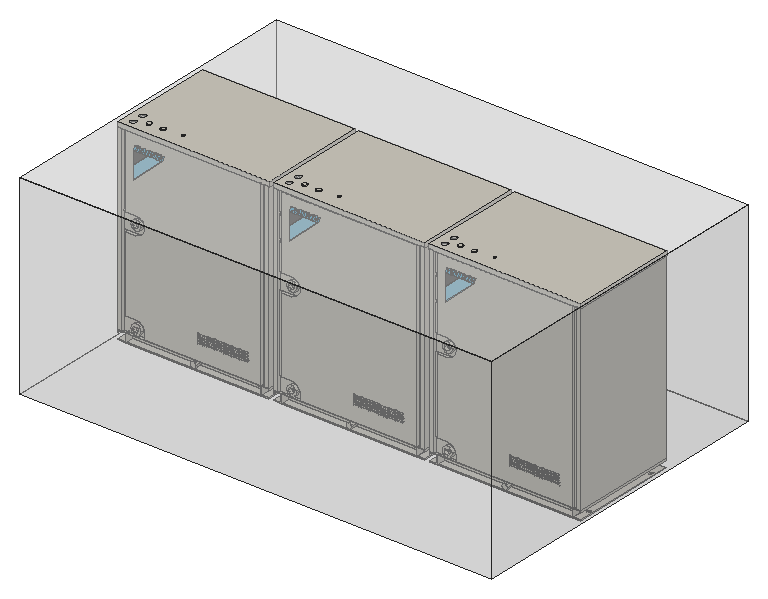
Revit family "outputfile", category 機械設備, Revit 2024
Family settings
  丸型コネクタ寸法 = 半径を使用
  種別 = なし
  パーツ タイプ = 標準
  OmniClass 番号 = 23.75.10.24.21.27.27
  OmniClass タイトル = Split System Air Conditioning Units
  作業面ベース = いいえ
  常に垂直 = はい
  ロード時にボイドで切り取り = いいえ
  注釈の向きを維持 = いいえ
  共有 = いいえ
  部屋計算ポイント = いいえ
Parameters (values of type "RWEYQ34TYM")
  製造元 = "Daikin"
  書き出し IFC クラス(タイプ) = "IfcUnitaryEquipmentType"
  定義済み IFC タイプ(タイプ) = "AIRCONDITIONINGUNIT"
  モデル = "RWEYQ34TYM"
  w_unit3 = 780.0 mm
  w_unit2 = 780.0 mm
  w_unit1 = 780.0 mm
  switch_unit3_6-8 [instance] = if(Reverse_ModuleSequence, if(default_unit1 = 1, 1 = 1, 1 = 0), if(default_unit3 = 1, 1 = 1, 1 = 0))  # no
  switch_unit3_12 [instance] = if(Reverse_ModuleSequence, if(default_unit1 = 3, 1 = 1, 1 = 0), if(default_unit3 = 3, 1 = 1, 1 = 0))  # no
  switch_unit3_10 [instance] = if(Reverse_ModuleSequence, if(default_unit1 = 2, 1 = 1, 1 = 0), if(default_unit3 = 2, 1 = 1, 1 = 0))  # yes
  switch_unit2_6-8 [instance] = if(default_unit2 = 1, 1 = 1, 1 = 0)  # no
  switch_unit2_12 [instance] = if(default_unit2 = 3, 1 = 1, 1 = 0)  # yes
  switch_unit2_10 [instance] = if(default_unit2 = 2, 1 = 1, 1 = 0)  # no
  switch_unit1_6-8 [instance] = if(Reverse_ModuleSequence, if(default_unit3 = 1, 1 = 1, 1 = 0), if(default_unit1 = 1, 1 = 1, 1 = 0))  # no
  switch_unit1_12 [instance] = if(Reverse_ModuleSequence, if(default_unit3 = 3, 1 = 1, 1 = 0), if(default_unit1 = 3, 1 = 1, 1 = 0))  # yes
  switch_unit1_10 [instance] = if(Reverse_ModuleSequence, if(default_unit3 = 2, 1 = 1, 1 = 0), if(default_unit1 = 2, 1 = 1, 1 = 0))  # no
  r_Water Outlet Pipe Connection_unit3 [instance] = Water Outlet Pipe Connection_Unit3 / 2  # 15.9 mm
  r_Water Outlet Pipe Connection_unit2 [instance] = Water Outlet Pipe Connection_Unit2 / 2  # 15.9 mm
  r_Water Outlet Pipe Connection_unit1 [instance] = Water Outlet Pipe Connection_Unit1 / 2  # 15.9 mm
  r_Water Inlet Pipe Connection_unit3 [instance] = Water Inlet Pipe Connection_Unit3 / 2  # 15.9 mm
  r_Water Inlet Pipe Connection_unit2 [instance] = Water Inlet Pipe Connection_Unit2 / 2  # 15.9 mm
  r_Water Inlet Pipe Connection_unit1 [instance] = Water Inlet Pipe Connection_Unit1 / 2  # 15.9 mm
  r_Drain Pipe Size = Drain Pipe Size / 2  # 6.35 mm
  lw_Water Outlet3 = 95.0 mm
  lw_Water Outlet2 = 95.0 mm
  lw_Water Outlet1 = 95.0 mm
  lw_Water Inlet3 = 95.0 mm
  lw_Water Inlet2 = 95.0 mm
  lw_Water Inlet1 = 95.0 mm
  lw_Drain3 = 390.0 mm
  lw_Drain2 = 390.0 mm
  lw_Drain1 = 390.0 mm
  default_Water Outlet Pipe Connection_Unit 3 = 31.8 mm
  default_Water Outlet Pipe Connection_Unit 2 = 31.8 mm
  default_Water Outlet Pipe Connection_Unit 1 = 31.8 mm
  default_Water Inlet Pipe Connection_Unit 3 = 31.8 mm
  default_Water Inlet Pipe Connection_Unit 2 = 31.8 mm
  default_Water Inlet Pipe Connection_Unit 1 = 31.8 mm
  angle_Drain [instance] = if(Rear Connection_Drain, 180.00°, 0.00°)  # 0.00°
  r_Liquid Pipe Size_unit3 [instance] = Liquid Pipe Size_Unit 3 / 2  # 4.75 mm
  r_Liquid Pipe Size_unit2 [instance] = Liquid Pipe Size_Unit 2 / 2  # 6.35 mm
  r_HP/LP Gas Pipe Size_unit3 [instance] = [HP/LP Gas Pipe Size_Unit 3] / 2  # 11.1 mm
  r_HP/LP Gas Pipe Size_unit2 [instance] = [HP/LP Gas Pipe Size_Unit 2] / 2  # 11.1 mm
  r_HP/LP Gas Pipe Size_unit1 [instance] = [HP/LP Gas Pipe Size_Unit 1] / 2  # 11.1 mm
  r_Gas Pipe Size_unit3 [instance] = Gas Pipe Size_Unit 3 / 2  # 11.1 mm
  r_Gas Pipe Size_unit2 [instance] = Gas Pipe Size_Unit 2 / 2  # 11.1 mm
  lw_powersupply3 = 51.0 mm
  lw_powersupply2 = 51.0 mm
  lw_liquidpipe3 = 274.0 mm
  lw_liquidpipe2 = 274.0 mm
  lw_gaspipe3 [instance] = if(Heat Pump, 107.0 mm, 178.0 mm)  # 107.0 mm
  lw_gaspipe2 [instance] = if(Heat Pump, 107.0 mm, 178.0 mm)  # 107.0 mm
  lw_HP/LP Gas Pipe3 [instance] = if(Heat Pump, 178.0 mm, 107.0 mm)  # 178.0 mm
  lw_HP/LP Gas Pipe2 [instance] = if(Heat Pump, 178.0 mm, 107.0 mm)  # 178.0 mm
  lw_HP/LP Gas Pipe1 [instance] = if(Heat Pump, 178.0 mm, 107.0 mm)  # 178.0 mm
  ld_HP/LP Gas Pipe = 69.0 mm
  h_mountinghole = [h_***] + 2.3 mm  # 2.3 mm
  r_Liquid Pipe Size_unit1 [instance] = Liquid Pipe Size_Unit 1 / 2  # 6.35 mm
  r_Gas Pipe Size_unit1 [instance] = Gas Pipe Size_Unit 1 / 2  # 11.1 mm
  distance_unit2-3 [instance] = 20.0 mm
  distance_unit1-2 [instance] = 20.0 mm
  default_unit3 = 2
  default_unit2 = 3
  default_unit1 = 3
  default_Model_Unit 3 = "RWEYQ10TYM"
  default_Model_Unit 2 = "RWEYQ12TYM"
  default_Model_Unit 1 = "RWEYQ12TYM"
  default_Liquid Pipe Size_Unit 3 = 9.5 mm
  default_Liquid Pipe Size_Unit 2 = 12.7 mm
  default_Liquid Pipe Size_Unit 1 = 12.7 mm
  default_HP/LP Gas Pipe Size_Unit 3 [instance] = if(and(Heat Pump, [switch_unit3_6-8]), 19.1 mm, if(and(Heat Pump, switch_unit3_10), 22.2 mm, if(and(Heat Pump, switch_unit3_12), 22.2 mm, if(and(Heat Recovery, [switch_unit3_6-8]), 15.9 mm, if(and(Heat Recovery, switch_unit3_10), 19.1 mm, if(and(Heat Recovery, switch_unit3_12), 19.1 mm, 19.1 mm))))))  # 22.2 mm
  default_HP/LP Gas Pipe Size_Unit 2 [instance] = if(and(Heat Pump, [switch_unit2_6-8]), 19.1 mm, if(and(Heat Pump, switch_unit2_10), 22.2 mm, if(and(Heat Pump, switch_unit2_12), 22.2 mm, if(and(Heat Recovery, [switch_unit2_6-8]), 15.9 mm, if(and(Heat Recovery, switch_unit2_10), 19.1 mm, if(and(Heat Recovery, switch_unit2_12), 19.1 mm, 19.1 mm))))))  # 22.2 mm
  default_HP/LP Gas Pipe Size_Unit 1 [instance] = if(and(Heat Pump, [switch_unit1_6-8]), 19.1 mm, if(and(Heat Pump, switch_unit1_10), 22.2 mm, if(and(Heat Pump, switch_unit1_12), 22.2 mm, if(and(Heat Recovery, [switch_unit1_6-8]), 15.9 mm, if(and(Heat Recovery, switch_unit1_10), 19.1 mm, if(and(Heat Recovery, switch_unit1_12), 19.1 mm, 19.1 mm))))))  # 22.2 mm
  default_Gas Pipe Size_Unit 3 = 22.2 mm
  default_Gas Pipe Size_Unit 2 = 22.2 mm
  default_Gas Pipe Size_Unit 1 = 22.2 mm
  Water Outlet Pipe Connection_Unit3 [instance] = if(Reverse_ModuleSequence, default_Water Outlet Pipe Connection_Unit 1, default_Water Outlet Pipe Connection_Unit 3)  # 31.8 mm
  Water Outlet Pipe Connection_Unit2 [instance] = if(Reverse_ModuleSequence, default_Water Inlet Pipe Connection_Unit 2, default_Water Inlet Pipe Connection_Unit 2)  # 31.8 mm
  Water Outlet Pipe Connection_Unit1 [instance] = if(Reverse_ModuleSequence, default_Water Outlet Pipe Connection_Unit 3, default_Water Outlet Pipe Connection_Unit 1)  # 31.8 mm
  Water Inlet Pipe Connection_Unit3 [instance] = if(Reverse_ModuleSequence, default_Water Inlet Pipe Connection_Unit 1, default_Water Inlet Pipe Connection_Unit 3)  # 31.8 mm
  Water Inlet Pipe Connection_Unit2 [instance] = if(Reverse_ModuleSequence, default_Water Outlet Pipe Connection_Unit 2, default_Water Outlet Pipe Connection_Unit 2)  # 31.8 mm
  Water Inlet Pipe Connection_Unit1 [instance] = if(Reverse_ModuleSequence, default_Water Inlet Pipe Connection_Unit 3, default_Water Inlet Pipe Connection_Unit 1)  # 31.8 mm
  Voltage_comment_60Hz = "380"
  Voltage_comment_50Hz = "380-415"
  Voltage_60Hz = 380 V
  Voltage_50Hz = 400 V
  Top Connection_powersupply2 [instance] = not(Top Connection_powersupply1)  # no
  Sound Power Level (dB) = 77
  Reverse_ModuleSequence [instance] = no
  Rear Connection_Drain [instance] = not(Front Connection_Drain)  # no
  Power Input (Heating) = 21.300 kW
  Phase_60Hz = 3
  Phase_50Hz = 3
  Nominal Heating Capacity = 107.000 kW
  Model_Unit 3 [instance] = if(Reverse_ModuleSequence, default_Model_Unit 1, default_Model_Unit 3)  # "RWEYQ10TYM"
  Model_Unit 2 [instance] = if(Reverse_ModuleSequence, default_Model_Unit 2, default_Model_Unit 2)  # "RWEYQ12TYM"
  Model_Unit 1 [instance] = if(Reverse_ModuleSequence, default_Model_Unit 3, default_Model_Unit 1)  # "RWEYQ12TYM"
  Minimum Circuit Amps_60Hz = 40.9 A
  Minimum Circuit Amps_50Hz = 40.9 A
  Maximum Fuse Amps_60Hz = 45.0 A
  Maximum Fuse Amps_50Hz = 45.0 A
  Material_Heat Exchanger = DAIKIN_Blue_HE_outdoorunit
  Material_Casing = DAIKIN_IvoryWhite_Casing_outdoorunit
  lw_powersupply1 = 51.0 mm
  lw_liquidpipe1 = 274.0 mm
  lw_gaspipe1 [instance] = if(Heat Pump, 107.0 mm, 178.0 mm)  # 107.0 mm
  lh_powersupply = 940.0 mm
  ld_powersupply [instance] = if(Top Connection_powersupply1, 38.0 mm, 98.0 mm)  # 38.0 mm
  ld_liquidpipe = 79.0 mm
  ld_gaspipe = 69.0 mm
  h_*** = 0.0 mm
  Width [instance] = [distance_unit1-2] + [distance_unit2-3] + w_unit1 + w_unit2 + w_unit3  # 2380.0 mm
  Version = "ver.1.0"
  Unit Type = ""
  Unit Mass Weight = 441.00 kg
  Unit Designation [instance] = ""
  Uniclass2015Version = "Products v1.30"
  Uniclass2015Title = "Variable refrigerant flow units"
  Uniclass2015Code = "Pr_70_65_03_94"
  Total Cooling Capacity [instance] = 0.000 kW
  Sound Pressure Level (dBA) = 57
  Series = "VRV Heat Recovery"
  Refrigerant_Base Charge = 12.600 kg
  Refrigerant_Additional Charge [instance] = 0.000 kg
  Refrigerant Type = "R410A"
  Power Input (Cooling) = 20.100 kW
  Option Accessory 3 [instance] = ""
  Option Accessory 2 [instance] = ""
  Option Accessory 1 [instance] = ""
  Nominal Cooling Capacity = 95.000 kW
  Load Classification = HVAC
  Liquid Pipe Size_Unit 3 [instance] = if(Reverse_ModuleSequence, default_Liquid Pipe Size_Unit 1, default_Liquid Pipe Size_Unit 3)  # 9.5 mm
  Liquid Pipe Size_Unit 2 [instance] = if(Reverse_ModuleSequence, default_Liquid Pipe Size_Unit 2, default_Liquid Pipe Size_Unit 2)  # 12.7 mm
  Liquid Pipe Size_Unit 1 [instance] = if(Reverse_ModuleSequence, default_Liquid Pipe Size_Unit 3, default_Liquid Pipe Size_Unit 1)  # 12.7 mm
  Link_Nested Family [instance] = ""
  Intermediate Liquid Pipe Size_Unit1-2 = 19.1 mm
  Intermediate HP/LP Gas Pipe Size_Unit1-2 = 22.2 mm
  Intermediate Gas Pipe Size_Unit1-2 = 28.6 mm
  IfcVersion = ""
  IfcExportType = "AIRCONDITIONINGUNIT"
  IfcExportAs = "IfcUnitaryEquipmentType"
  Height = 1000.0 mm
  Heat Recovery [instance] = not(Heat Pump)  # no
  Heat Pump [instance] = yes
  Heat Exchanger Type = "Stainless Steel Plate"
  HP/LP Gas Pipe Size_Unit 3 [instance] = [default_HP/LP Gas Pipe Size_Unit 3]  # 22.2 mm
  HP/LP Gas Pipe Size_Unit 2 [instance] = [default_HP/LP Gas Pipe Size_Unit 2]  # 22.2 mm
  HP/LP Gas Pipe Size_Unit 1 [instance] = [default_HP/LP Gas Pipe Size_Unit 1]  # 22.2 mm
  Gas Pipe Size_Unit 3 [instance] = if(Reverse_ModuleSequence, default_Gas Pipe Size_Unit 1, default_Gas Pipe Size_Unit 3)  # 22.2 mm
  Gas Pipe Size_Unit 2 [instance] = if(Reverse_ModuleSequence, default_Gas Pipe Size_Unit 2, default_Gas Pipe Size_Unit 2)  # 22.2 mm
  Gas Pipe Size_Unit 1 [instance] = if(Reverse_ModuleSequence, default_Gas Pipe Size_Unit 3, default_Gas Pipe Size_Unit 1)  # 22.2 mm
  Top Connection_powersupply1 [instance] = yes
  Front Connection_Drain [instance] = yes
  Frequency_60Hz = 60 Hz
  Frequency_50Hz = 50 Hz
  Drain Pipe Size = 12.7 mm
  Depth = 550.0 mm
  既定の高さ = 0.0 mm
  Cooling Ambient Wet Bulb Temperature [instance] = 0.00 °C
  Cooling Ambient Dry Bulb Temperature [instance] = 0.00 °C
  Compressor Type = "Hermetically Sealed Scroll Type"
  Clearance visibility [instance] = yes
  Clearance Top = 0.0 mm
  Clearance Right = 20.0 mm
  Clearance Rear = 500.0 mm
  Clearance Left = 20.0 mm
  Clearance Front = 600.0 mm
  Clearance Bottom = 0.0 mm
  CU Tag No. [instance] = ""
Reference planes
  plane 1 "Center (Front/Back)": y = 0
  plane 2 "h_***": z = 0
  plane 3 "Center (Left/Right)": x = 0
  plane 4 "Back": y = 275
  plane 5 "Front": y = -275
  plane 6 "Left": x = -390
  plane 7 "w_unit1": x = 390
  plane 8 "Top": z = 1000
  plane 9 "Clearance Rear": y = 775
  plane 10 "Clearance Front": y = -875
  plane 11 "Clearance Left": x = -410
  plane 12 "Clearance Right": x = 2010
  plane 13 "Clearance Top": z = 1000
  plane 14 "Clearance Bottom": z = 0
  plane 15 "Bottom": z = 0
  plane 16 "lw_powersupply1": x = -339
  plane 17 "ld_powersupply": y = -237
  plane 18 "lw_liquidpipe1": x = -116
  plane 19 "Rear Connection_refrigetant": y = -196
  plane 20 "lw_gaspipe1": x = -283
  plane 21 "ld_gaspipe": y = -206
  plane 22 "lh_logo": z = 900
  plane 23 "lw_logo": x = 100
  plane 24 "lh_powersupply": z = 940
  plane 25 "lw_HP/LP Gas Pipe1": x = -212
  plane 26 "ld_HP/LP Gas Pipe": y = -206
  plane 27 "l_unit2": x = 410
  plane 28 "w_unit2": x = 1190
  plane 29 "lw_powersupply2": x = 461
  plane 30 "lw_liquidpipe2": x = 684
  plane 31 "lw_gaspipe2": x = 517
  plane 32 "lw_HP/LP Gas Pipe2": x = 588
  plane 33 "Right": x = 1990
  plane 34 "叴": x = 1210
  plane 35 "叵": x = 1261
  plane 36 "叶": x = 1484
  plane 37 "号": x = 1317
  plane 38 "司": x = 1388
  plane 39 "lw_Water Inlet1": x = -295
  plane 40 "lw_Water Inlet2": x = 505
  plane 41 "lw_Water Inlet3": x = 1305
  plane 42 "lw_Water Outlet1": x = -295
  plane 43 "lw_Water Outlet2": x = 505
  plane 44 "lw_Water Outlet3": x = 1305
  plane 45 "lw_Drain1": x = 0
  plane 46 "lw_Drain2": x = 800
  plane 47 "lw_Drain3": x = 1600
Dimensions and locks
  equal spacing: plane 4 "Back", plane 1 "Center (Front/Back)", plane 5 "Front"
  "Depth": plane 4 "Back" to plane 5 "Front"
  equal spacing: plane 6 "Left", plane 3 "Center (Left/Right)", plane 7 "w_unit1"
  "w_unit1": plane 6 "Left" to plane 7 "w_unit1"
  "Clearance Rear": plane 9 "Clearance Rear" to plane 4 "Back"
  "Clearance Front": plane 10 "Clearance Front" to plane 5 "Front"
  "Clearance Left": plane 11 "Clearance Left" to plane 6 "Left"
  "Clearance Top": plane 13 "Clearance Top" to plane 8 "Top"
  "h_***": plane 15 "Bottom" to plane 2 "h_***"
  "Height": plane 8 "Top" to plane 15 "Bottom"
  "Clearance Bottom": plane 15 "Bottom" to plane 14 "Clearance Bottom"
  "ld_powersupply": plane 17 "ld_powersupply" to plane 5 "Front"
  "ld_liquidpipe": plane 19 "Rear Connection_refrigetant" to plane 5 "Front"
  "ld_gaspipe": plane 21 "ld_gaspipe" to plane 5 "Front"
  locked: plane 23 "lw_logo" to plane 7 "w_unit1" at 290
  locked: plane 22 "lh_logo" to plane 15 "Bottom" at 900
  "lw_gaspipe1": plane 6 "Left" to plane 20 "lw_gaspipe1"
  "lw_liquidpipe1": plane 6 "Left" to plane 18 "lw_liquidpipe1"
  "lw_powersupply1": plane 6 "Left" to plane 16 "lw_powersupply1"
  "lh_powersupply": plane 24 "lh_powersupply" to plane 15 "Bottom"
  "lw_HP/LP Gas Pipe1": plane 6 "Left" to plane 25 "lw_HP/LP Gas Pipe1"
  "ld_HP/LP Gas Pipe": plane 26 "ld_HP/LP Gas Pipe" to plane 5 "Front"
  "distance_unit1-2": plane 7 "w_unit1" to plane 27 "l_unit2"
  "lw_powersupply2": plane 27 "l_unit2" to plane 29 "lw_powersupply2"
  "lw_HP/LP Gas Pipe2": plane 27 "l_unit2" to plane 32 "lw_HP/LP Gas Pipe2"
  "lw_gaspipe2": plane 27 "l_unit2" to plane 31 "lw_gaspipe2"
  "lw_liquidpipe2": plane 27 "l_unit2" to plane 30 "lw_liquidpipe2"
  "w_unit2": plane 27 "l_unit2" to plane 28 "w_unit2"
  "distance_unit2-3": plane 28 "w_unit2" to plane 34 "叴"
  "Width": plane 6 "Left" to plane 33 "Right"
  "Clearance Right": plane 33 "Right" to plane 12 "Clearance Right"
  "lw_powersupply3": plane 34 "叴" to plane 35 "叵"
  "lw_HP/LP Gas Pipe3": plane 34 "叴" to plane 38 "司"
  "lw_gaspipe3": plane 34 "叴" to plane 37 "号"
  "lw_liquidpipe3": plane 34 "叴" to plane 36 "叶"
  "lw_Water Inlet1": plane 6 "Left" to plane 39 "lw_Water Inlet1"
  "lw_Water Inlet2": plane 27 "l_unit2" to plane 40 "lw_Water Inlet2"
  "lw_Water Inlet3": plane 34 "叴" to plane 41 "lw_Water Inlet3"
  "lw_Water Outlet1": plane 6 "Left" to plane 42 "lw_Water Outlet1"
  "lw_Water Outlet2": plane 27 "l_unit2" to plane 43 "lw_Water Outlet2"
  "lw_Water Outlet3": plane 34 "叴" to plane 44 "lw_Water Outlet3"
  "lw_Drain1": plane 6 "Left" to plane 45 "lw_Drain1"
  "lw_Drain2": plane 27 "l_unit2" to plane 46 "lw_Drain2"
  "lw_Drain3": plane 34 "叴" to plane 47 "lw_Drain3"
  aligned and locked: level to plane 2 "h_***"
  aligned and locked: nested 2 to plane 9 "Clearance Rear"
  aligned and locked: nested 2 to plane 10 "Clearance Front"
  aligned and locked: plane 11 "Clearance Left" to nested 2
  aligned and locked: plane 12 "Clearance Right" to nested 2
  aligned and locked: nested 2 to plane 13 "Clearance Top"
  aligned and locked: nested 2 to plane 14 "Clearance Bottom"
  aligned and locked: plane 8 "Top" to nested 1
  aligned and locked: plane 22 "lh_logo" to nested 7
  aligned and locked: nested 8 to plane 16 "lw_powersupply1"
  aligned and locked: nested 9 to plane 20 "lw_gaspipe1"
  aligned and locked: nested 10 to plane 18 "lw_liquidpipe1"
  aligned and locked: nested 10 to plane 19 "Rear Connection_refrigetant"
  aligned and locked: nested 9 to plane 21 "ld_gaspipe"
  aligned and locked: nested 8 to plane 17 "ld_powersupply"
  aligned and locked: plane 5 "Front" to nested 7
  aligned and locked: plane 24 "lh_powersupply" to nested 8
  aligned and locked: plane 27 "l_unit2" to nested 11
  aligned and locked: nested 17 to plane 29 "lw_powersupply2"
  aligned and locked: nested 17 to plane 17 "ld_powersupply"
  aligned and locked: nested 18 to plane 31 "lw_gaspipe2"
  aligned and locked: nested 18 to plane 26 "ld_HP/LP Gas Pipe"
  aligned and locked: plane 1 "Center (Front/Back)" to nested 20
  aligned and locked: plane 34 "叴" to nested 20
  aligned and locked: nested 27 to plane 35 "叵"
  aligned and locked: nested 28 to plane 37 "号"
  aligned and locked: nested 26 to plane 36 "叶"
  aligned and locked: plane 17 "ld_powersupply" to nested 27
  aligned and locked: plane 21 "ld_gaspipe" to nested 28
  aligned and locked: plane 19 "Rear Connection_refrigetant" to nested 26
  aligned and locked: nested 27 to plane 24 "lh_powersupply"
  aligned and locked: plane 1 "Center (Front/Back)" to nested 29
  aligned and locked: plane 1 "Center (Front/Back)" to nested 30
  aligned and locked: plane 1 "Center (Front/Back)" to nested 31
  aligned and locked: plane 1 "Center (Front/Back)" to nested 32
  aligned and locked: plane 1 "Center (Front/Back)" to nested 33
  aligned and locked: plane 1 "Center (Front/Back)" to nested 34
  aligned and locked: plane 1 "Center (Front/Back)" to nested 35
  aligned and locked: plane 1 "Center (Front/Back)" to nested 36
  aligned and locked: plane 1 "Center (Front/Back)" to nested 37
  aligned and locked: plane 39 "lw_Water Inlet1" to nested 29
  aligned and locked: plane 40 "lw_Water Inlet2" to nested 30
  aligned and locked: plane 41 "lw_Water Inlet3" to nested 31
  aligned and locked: plane 42 "lw_Water Outlet1" to nested 32
  aligned and locked: plane 43 "lw_Water Outlet2" to nested 33
  aligned and locked: plane 44 "lw_Water Outlet3" to nested 34
  aligned and locked: plane 45 "lw_Drain1" to nested 35
  aligned and locked: plane 46 "lw_Drain2" to nested 36
  aligned and locked: plane 47 "lw_Drain3" to nested 37
  aligned and locked: plane 25 "lw_HP/LP Gas Pipe1" to nested 38
  aligned and locked: plane 32 "lw_HP/LP Gas Pipe2" to nested 39
  aligned and locked: plane 38 "司" to nested 40
  aligned and locked: nested 38 to plane 26 "ld_HP/LP Gas Pipe"
  aligned and locked: nested 39 to plane 26 "ld_HP/LP Gas Pipe"
  aligned and locked: plane 26 "ld_HP/LP Gas Pipe" to nested 40
Nested families
  nested 1: "DAIKIN_outdoorunit_RWEYQ-TYM" at (-31, 0, 0), h_*** <- "h_***", Link_Nest <- "Link_Nested Family", h_mountinghole <- "h_mountinghole", Width <- "w_unit1", switch_unit1_6-8 <- "switch_unit1_6-8", switch_unit1_10 <- "switch_unit1_10", switch_unit1_12 <- "switch_unit1_12", type "RWEYQ-TYM"
    with switch_unit1_6-8 no, switch_unit1_12 yes, switch_unit1_10 no, show_fixedhole yes, h_mountinghole 2.3 mm, h_antenna_mountinghole 998.7 mm, h_*** 0.0 mm, array_bolt 5, Width 780.0 mm, Liquid Pipe Size_Unit 1 12.7 mm, Link_Nest "", HP/LP Pipe Size_Unit 1 22.2 mm, Gas Pipe Size_Unit 1 22.2 mm, Heat Recovery no, Heat Pump yes, HP/LP Pipe Size_Unit 1_L 178.0 mm, Gas Pipe Size_Unit 1_L 107.0 mm
  nested 2: "daikin_clearancespace" at (800, -50, 500.119), visible <- "Clearance visibility", show <- "Clearance visibility", Link_Nested Family <- "Link_Nested Family", type "daikin_clearancespace"
    with width 2420.0 mm, show yes, height 1000.0 mm, depth 1650.0 mm, Link_Nested Family ""
  nested 3: "daikin_mountinghole" at (-372, 200, 0), type "daikin_mountinghole"
    with show yes, l_antenna 998.7 mm, h_mountinghole 2.3 mm, Link_Nested Family ""
  nested 4: "daikin_mountinghole" at (372, 200, 0), type "daikin_mountinghole"
    with show yes, l_antenna 998.7 mm, h_mountinghole 2.3 mm, Link_Nested Family ""
  nested 5: "daikin_mountinghole" at (-372, -200, 0), type "daikin_mountinghole"
    with show yes, l_antenna 998.7 mm, h_mountinghole 2.3 mm, Link_Nested Family ""
  nested 6: "daikin_mountinghole" at (372, -200, 0), type "daikin_mountinghole"
    with show yes, l_antenna 998.7 mm, h_mountinghole 2.3 mm, Link_Nested Family ""
  nested 7: "daikin_logo_elevation_w150" at (-212.5, -275, 744.568), type "daikin_logo_elevation_w150"
    with show_logo yes
  nested 8: "daikin_connector_rotate3" at (-339, -237, 940) x (-1, 0, 0) z (0, 0, -1), type "daikin_connector_rotate3"
    with show no, radius 10.0 mm, length 60.0 mm, angle_vertical 0.00°, angle_horizontal 0.00°
  nested 9: "daikin_connector_rotate3" at (-283, -206, 940) x (-1, 0, 0) z (0, 0, -1), radius <- "r_Gas Pipe Size_unit1", type "daikin_connector_rotate3"
    with show no, radius 11.1 mm, length 60.0 mm, angle_vertical 0.00°, angle_horizontal 0.00°
  nested 10: "daikin_connector_rotate3" at (-116, -196, 940) x (-1, 0, 0) z (0, 0, -1), radius <- "r_Liquid Pipe Size_unit1", type "daikin_connector_rotate3"
    with show no, radius 6.35 mm, length 60.0 mm, angle_vertical 0.00°, angle_horizontal 0.00°
  nested 11: "DAIKIN_outdoorunit_RWEYQ-TYM" at (769, 0, 0), Width <- "w_unit2", switch_unit1_6-8 <- "switch_unit2_6-8", switch_unit1_10 <- "switch_unit2_10", switch_unit1_12 <- "switch_unit2_12", type "RWEYQ-TYM"
    with switch_unit1_6-8 no, switch_unit1_12 yes, switch_unit1_10 no, show_fixedhole yes, h_mountinghole 2.3 mm, h_antenna_mountinghole 998.7 mm, h_*** 0.0 mm, array_bolt 5, Width 780.0 mm, Liquid Pipe Size_Unit 1 12.7 mm, Link_Nest "", HP/LP Pipe Size_Unit 1 22.2 mm, Gas Pipe Size_Unit 1 22.2 mm, Heat Recovery no, Heat Pump yes, HP/LP Pipe Size_Unit 1_L 178.0 mm, Gas Pipe Size_Unit 1_L 107.0 mm
  nested 12: "daikin_mountinghole" at (428, 200, 0), type "daikin_mountinghole"
    with show yes, l_antenna 998.7 mm, h_mountinghole 2.3 mm, Link_Nested Family ""
  nested 13: "daikin_mountinghole" at (1172, 200, 0), type "daikin_mountinghole"
    with show yes, l_antenna 998.7 mm, h_mountinghole 2.3 mm, Link_Nested Family ""
  nested 14: "daikin_mountinghole" at (428, -200, 0), type "daikin_mountinghole"
    with show yes, l_antenna 998.7 mm, h_mountinghole 2.3 mm, Link_Nested Family ""
  nested 15: "daikin_mountinghole" at (1172, -200, 0), type "daikin_mountinghole"
    with show yes, l_antenna 998.7 mm, h_mountinghole 2.3 mm, Link_Nested Family ""
  nested 16: "daikin_connector_rotate3" at (684, -196, 940) x (-1, 0, 0) z (0, 0, -1), radius <- "r_Liquid Pipe Size_unit2", type "daikin_connector_rotate3"
    with show no, radius 6.35 mm, length 60.0 mm, angle_vertical 0.00°, angle_horizontal 0.00°
  nested 17: "daikin_connector_rotate3" at (461, -237, 940) x (-1, 0, 0) z (0, 0, -1), type "daikin_connector_rotate3"
    with show no, radius 10.0 mm, length 60.0 mm, angle_vertical 0.00°, angle_horizontal 0.00°
  nested 18: "daikin_connector_rotate3" at (517, -206, 940) x (-1, 0, 0) z (0, 0, -1), radius <- "r_Gas Pipe Size_unit2", type "daikin_connector_rotate3"
    with show no, radius 11.1 mm, length 60.0 mm, angle_vertical 0.00°, angle_horizontal 0.00°
  nested 19: "daikin_logo_elevation_w150" at (587.5, -275, 744.568), type "daikin_logo_elevation_w150"
    with show_logo yes
  nested 20: "DAIKIN_outdoorunit_RWEYQ-TYM" at (1569, 0, 0), switch_unit1_6-8 <- "switch_unit3_6-8", switch_unit1_10 <- "switch_unit3_10", switch_unit1_12 <- "switch_unit3_12", Width <- "w_unit3", type "RWEYQ-TYM"
    with switch_unit1_6-8 no, switch_unit1_12 no, switch_unit1_10 yes, show_fixedhole yes, h_mountinghole 2.3 mm, h_antenna_mountinghole 998.7 mm, h_*** 0.0 mm, array_bolt 5, Width 780.0 mm, Liquid Pipe Size_Unit 1 9.5 mm, Link_Nest "", HP/LP Pipe Size_Unit 1 22.2 mm, Gas Pipe Size_Unit 1 22.2 mm, Heat Recovery no, Heat Pump yes, HP/LP Pipe Size_Unit 1_L 178.0 mm, Gas Pipe Size_Unit 1_L 107.0 mm
  nested 21: "daikin_mountinghole" at (1228, 200, 0), type "daikin_mountinghole"
    with show yes, l_antenna 998.7 mm, h_mountinghole 2.3 mm, Link_Nested Family ""
  nested 22: "daikin_mountinghole" at (1972, 200, 0), type "daikin_mountinghole"
    with show yes, l_antenna 998.7 mm, h_mountinghole 2.3 mm, Link_Nested Family ""
  nested 23: "daikin_mountinghole" at (1228, -200, 0), type "daikin_mountinghole"
    with show yes, l_antenna 998.7 mm, h_mountinghole 2.3 mm, Link_Nested Family ""
  nested 24: "daikin_mountinghole" at (1972, -200, 0), type "daikin_mountinghole"
    with show yes, l_antenna 998.7 mm, h_mountinghole 2.3 mm, Link_Nested Family ""
  nested 25: "daikin_logo_elevation_w150" at (1387.5, -275, 744.568), type "daikin_logo_elevation_w150"
    with show_logo yes
  nested 26: "daikin_connector_rotate3" at (1484, -196, 940) x (-1, 0, 0) z (0, 0, -1), radius <- "r_Liquid Pipe Size_unit3", type "daikin_connector_rotate3"
    with show no, radius 4.75 mm, length 60.0 mm, angle_vertical 0.00°, angle_horizontal 0.00°
  nested 27: "daikin_connector_rotate3" at (1261, -237, 940) x (-1, 0, 0) z (0, 0, -1), type "daikin_connector_rotate3"
    with show no, radius 10.0 mm, length 60.0 mm, angle_vertical 0.00°, angle_horizontal 0.00°
  nested 28: "daikin_connector_rotate3" at (1317, -206, 940) x (-1, 0, 0) z (0, 0, -1), radius <- "r_Gas Pipe Size_unit3", type "daikin_connector_rotate3"
    with show no, radius 11.1 mm, length 60.0 mm, angle_vertical 0.00°, angle_horizontal 0.00°
  nested 29: "daikin_connector_rotate3" at (-295, 0, 76), radius <- "r_Water Inlet Pipe Connection_unit1", type "daikin_connector_rotate3"
    with show no, radius 15.9 mm, length 275.0 mm, angle_vertical 90.00°, angle_horizontal 0.00°
  nested 30: "daikin_connector_rotate3" at (505, 0, 76), radius <- "r_Water Inlet Pipe Connection_unit2", type "daikin_connector_rotate3"
    with show no, radius 15.9 mm, length 275.0 mm, angle_vertical 90.00°, angle_horizontal 0.00°
  nested 31: "daikin_connector_rotate3" at (1305, 0, 76), radius <- "r_Water Inlet Pipe Connection_unit3", type "daikin_connector_rotate3"
    with show no, radius 15.9 mm, length 275.0 mm, angle_vertical 90.00°, angle_horizontal 0.00°
  nested 32: "daikin_connector_rotate3" at (-295, 0, 556), radius <- "r_Water Outlet Pipe Connection_unit1", type "daikin_connector_rotate3"
    with show no, radius 15.9 mm, length 275.0 mm, angle_vertical 90.00°, angle_horizontal 0.00°
  nested 33: "daikin_connector_rotate3" at (505, 0, 556), radius <- "r_Water Outlet Pipe Connection_unit2", type "daikin_connector_rotate3"
    with show no, radius 15.9 mm, length 275.0 mm, angle_vertical 90.00°, angle_horizontal 0.00°
  nested 34: "daikin_connector_rotate3" at (1305, 0, 556), radius <- "r_Water Outlet Pipe Connection_unit3", type "daikin_connector_rotate3"
    with show no, radius 15.9 mm, length 275.0 mm, angle_vertical 90.00°, angle_horizontal 0.00°
  nested 35: "daikin_connector_rotate3" at (0, 0, 19), angle_horizontal <- "angle_Drain", radius <- "r_Drain Pipe Size", type "daikin_connector_rotate3"
    with show no, radius 6.35 mm, length 275.0 mm, angle_vertical 90.00°, angle_horizontal 0.00°
  nested 36: "daikin_connector_rotate3" at (800, 0, 19), angle_horizontal <- "angle_Drain", radius <- "r_Drain Pipe Size", type "daikin_connector_rotate3"
    with show no, radius 6.35 mm, length 275.0 mm, angle_vertical 90.00°, angle_horizontal 0.00°
  nested 37: "daikin_connector_rotate3" at (1600, 0, 19), angle_horizontal <- "angle_Drain", radius <- "r_Drain Pipe Size", type "daikin_connector_rotate3"
    with show no, radius 6.35 mm, length 275.0 mm, angle_vertical 90.00°, angle_horizontal 0.00°
  nested 38: "daikin_connector_rotate3" at (-212, -206, 940) x (1, 0, 0) z (0, 0, -1), radius <- "r_HP/LP Gas Pipe Size_unit1", type "daikin_connector_rotate3"
    with show no, radius 11.1 mm, length 60.0 mm, angle_vertical 0.00°, angle_horizontal 0.00°
  nested 39: "daikin_connector_rotate3" at (588, -206, 940) x (1, 0, 0) z (0, 0, -1), radius <- "r_HP/LP Gas Pipe Size_unit2", type "daikin_connector_rotate3"
    with show no, radius 11.1 mm, length 60.0 mm, angle_vertical 0.00°, angle_horizontal 0.00°
  nested 40: "daikin_connector_rotate3" at (1388, -206, 940) x (1, 0, 0) z (0, 0, -1), radius <- "r_HP/LP Gas Pipe Size_unit3", type "daikin_connector_rotate3"
    with show no, radius 11.1 mm, length 60.0 mm, angle_vertical 0.00°, angle_horizontal 0.00°
Connectors
  piping at (-116, -196, 1000), diameter 12.7, driven by "r_Liquid Pipe Size_unit1"
    settings: on nested 10, index 12, connector inside diameter 609.6 mm, connector length 0.0 mm, flow factor 0, pipe flow 0.00 m³/h, pressure drop 0.0 Pa, fitting loss kfactor 0, connector angle 0.00°, fixture units 0, engagement length 0.0 mm, angle of deflection 0.00°, flow configuration 0, flow direction 2, fitting loss method 0, system type 29, joint type 0, gender type 0, connector reference index -1, connector utility 0, adjustable connector no, is connector primary no, connector description "Refrigerant Liquid Piping1"
  electrical at (-339, -237, 1000), driven by "Load Classification"
    settings: on nested 8, index 13, voltage 0 V, apparent load 0 VA, apparent load phase1 0 VA, apparent load phase2 0 VA, apparent load phase3 0 VA, power factor 1, load classification "HVAC", number of poles 1, system type 30, power factor state 1, is connector primary yes, connector utility no, sub classification motor no, connector description "Power Supply1"
  piping at (684, -196, 1000), diameter 12.7, driven by "r_Liquid Pipe Size_unit2"
    settings: on nested 16, index 15, connector inside diameter 609.6 mm, connector length 0.0 mm, flow factor 0, pipe flow 0.00 m³/h, pressure drop 0.0 Pa, fitting loss kfactor 0, connector angle 0.00°, fixture units 0, engagement length 0.0 mm, angle of deflection 0.00°, flow configuration 0, flow direction 2, fitting loss method 0, system type 29, joint type 0, gender type 0, connector reference index -1, connector utility 0, adjustable connector no, is connector primary no, connector description "Refrigerant Liquid Piping2"
  electrical at (461, -237, 1000), driven by "Load Classification"
    settings: on nested 17, index 17, voltage 0 V, apparent load 0 VA, apparent load phase1 0 VA, apparent load phase2 0 VA, apparent load phase3 0 VA, power factor 1, load classification "HVAC", number of poles 1, system type 30, power factor state 1, is connector primary no, connector utility no, sub classification motor no, connector description "Power Supply2"
  piping at (1484, -196, 1000), diameter 9.5, driven by "r_Liquid Pipe Size_unit3"
    settings: on nested 26, index 19, connector inside diameter 609.6 mm, connector length 0.0 mm, flow factor 0, pipe flow 0.00 m³/h, pressure drop 0.0 Pa, fitting loss kfactor 0, connector angle 0.00°, fixture units 0, engagement length 0.0 mm, angle of deflection 0.00°, flow configuration 0, flow direction 2, fitting loss method 0, system type 29, joint type 0, gender type 0, connector reference index -1, connector utility 0, adjustable connector no, is connector primary no, connector description "Refrigerant Liquid Piping3"
  electrical at (1261, -237, 1000), driven by "Load Classification"
    settings: on nested 27, index 21, voltage 0 V, apparent load 0 VA, apparent load phase1 0 VA, apparent load phase2 0 VA, apparent load phase3 0 VA, power factor 1, load classification "HVAC", number of poles 1, system type 30, power factor state 1, is connector primary no, connector utility no, sub classification motor no, connector description "Power Supply3"
  piping at (-295, -275, 556), diameter 31.8, driven by "r_Water Outlet Pipe Connection_unit1"
    settings: on nested 32, index 24, connector inside diameter 609.6 mm, connector length 0.0 mm, flow factor 0, pipe flow 0.00 m³/h, pressure drop 0.0 Pa, fitting loss kfactor 0, connector angle 0.00°, fixture units 0, engagement length 0.0 mm, angle of deflection 0.00°, flow configuration 1, flow direction 2, fitting loss method 0, system type 8, joint type 0, gender type 0, connector reference index -1, connector utility 0, adjustable connector no, is connector primary no, connector description "Cooling Water Outlet Piping 1"
  piping at (-295, -275, 76), diameter 31.8, driven by "r_Water Inlet Pipe Connection_unit1"
    settings: on nested 29, index 25, connector inside diameter 609.6 mm, connector length 0.0 mm, flow factor 0, pipe flow 0.00 m³/h, pressure drop 0.0 Pa, fitting loss kfactor 0, connector angle 0.00°, fixture units 0, engagement length 0.0 mm, angle of deflection 0.00°, flow configuration 1, flow direction 1, fitting loss method 0, system type 7, joint type 0, gender type 0, connector reference index -1, connector utility 0, adjustable connector no, is connector primary no, connector description "Cooling Water Inlet  Piping 1"
  piping at (0, -275, 19), diameter 12.7, driven by "r_Drain Pipe Size"
    settings: on nested 35, index 26, connector inside diameter 609.6 mm, connector length 0.0 mm, flow factor 0, pipe flow 0.00 m³/h, pressure drop 0.0 Pa, fitting loss kfactor 0, connector angle 0.00°, fixture units 0, engagement length 0.0 mm, angle of deflection 0.00°, flow configuration 1, flow direction 2, fitting loss method 4, system type 16, joint type 0, gender type 0, connector reference index -1, connector utility 0, adjustable connector no, is connector primary no, connector description "Condensate Drain Piping 1"
  piping at (505, -275, 556), diameter 31.8, driven by "r_Water Outlet Pipe Connection_unit2"
    settings: on nested 33, index 27, connector inside diameter 609.6 mm, connector length 0.0 mm, flow factor 0, pipe flow 0.00 m³/h, pressure drop 0.0 Pa, fitting loss kfactor 0, connector angle 0.00°, fixture units 0, engagement length 0.0 mm, angle of deflection 0.00°, flow configuration 1, flow direction 2, fitting loss method 0, system type 8, joint type 0, gender type 0, connector reference index -1, connector utility 0, adjustable connector no, is connector primary no, connector description "Cooling Water Outlet Piping 2"
  piping at (505, -275, 76), diameter 31.8, driven by "r_Water Inlet Pipe Connection_unit2"
    settings: on nested 30, index 28, connector inside diameter 609.6 mm, connector length 0.0 mm, flow factor 0, pipe flow 0.00 m³/h, pressure drop 0.0 Pa, fitting loss kfactor 0, connector angle 0.00°, fixture units 0, engagement length 0.0 mm, angle of deflection 0.00°, flow configuration 1, flow direction 1, fitting loss method 0, system type 7, joint type 0, gender type 0, connector reference index -1, connector utility 0, adjustable connector no, is connector primary no, connector description "Cooling Water Inlet  Piping 2"
  piping at (800, -275, 19), diameter 12.7, driven by "r_Drain Pipe Size"
    settings: on nested 36, index 29, connector inside diameter 609.6 mm, connector length 0.0 mm, flow factor 0, pipe flow 0.00 m³/h, pressure drop 0.0 Pa, fitting loss kfactor 0, connector angle 0.00°, fixture units 0, engagement length 0.0 mm, angle of deflection 0.00°, flow configuration 1, flow direction 2, fitting loss method 4, system type 16, joint type 0, gender type 0, connector reference index -1, connector utility 0, adjustable connector no, is connector primary no, connector description "Condensate Drain Piping 2"
  piping at (1305, -275, 76), diameter 31.8, driven by "r_Water Inlet Pipe Connection_unit3"
    settings: on nested 31, index 30, connector inside diameter 609.6 mm, connector length 0.0 mm, flow factor 0, pipe flow 0.00 m³/h, pressure drop 0.0 Pa, fitting loss kfactor 0, connector angle 0.00°, fixture units 0, engagement length 0.0 mm, angle of deflection 0.00°, flow configuration 1, flow direction 1, fitting loss method 0, system type 7, joint type 0, gender type 0, connector reference index -1, connector utility 0, adjustable connector no, is connector primary no, connector description "Cooling Water Inlet  Piping 3"
  piping at (1305, -275, 556), diameter 31.8, driven by "r_Water Outlet Pipe Connection_unit3"
    settings: on nested 34, index 31, connector inside diameter 609.6 mm, connector length 0.0 mm, flow factor 0, pipe flow 0.00 m³/h, pressure drop 0.0 Pa, fitting loss kfactor 0, connector angle 0.00°, fixture units 0, engagement length 0.0 mm, angle of deflection 0.00°, flow configuration 1, flow direction 2, fitting loss method 0, system type 8, joint type 0, gender type 0, connector reference index -1, connector utility 0, adjustable connector no, is connector primary no, connector description "Cooling Water Outlet Piping 3"
  piping at (1600, -275, 19), diameter 12.7, driven by "r_Drain Pipe Size"
    settings: on nested 37, index 32, connector inside diameter 609.6 mm, connector length 0.0 mm, flow factor 0, pipe flow 0.00 m³/h, pressure drop 0.0 Pa, fitting loss kfactor 0, connector angle 0.00°, fixture units 0, engagement length 0.0 mm, angle of deflection 0.00°, flow configuration 1, flow direction 2, fitting loss method 4, system type 16, joint type 0, gender type 0, connector reference index -1, connector utility 0, adjustable connector no, is connector primary no, connector description "Condensate Drain Piping 3"
  piping at (-212, -206, 1000), diameter 22.2, driven by "r_HP/LP Gas Pipe Size_unit1"
    settings: on nested 38, index 36, connector inside diameter 609.6 mm, connector length 0.0 mm, flow factor 0, pipe flow 0.00 m³/h, pressure drop 0.0 Pa, fitting loss kfactor 0, connector angle 0.00°, fixture units 0, engagement length 0.0 mm, angle of deflection 0.00°, flow configuration 0, flow direction 0, fitting loss method 0, system type 29, joint type 0, gender type 0, connector reference index -1, connector utility 0, adjustable connector no, is connector primary no, connector description "Refrigerant HP/LP Gas Piping1"
  piping at (588, -206, 1000), diameter 22.2, driven by "r_HP/LP Gas Pipe Size_unit2"
    settings: on nested 39, index 37, connector inside diameter 609.6 mm, connector length 0.0 mm, flow factor 0, pipe flow 0.00 m³/h, pressure drop 0.0 Pa, fitting loss kfactor 0, connector angle 0.00°, fixture units 0, engagement length 0.0 mm, angle of deflection 0.00°, flow configuration 0, flow direction 0, fitting loss method 0, system type 29, joint type 0, gender type 0, connector reference index -1, connector utility 0, adjustable connector no, is connector primary no, connector description "Refrigerant HP/LP Gas Piping2"
  piping at (1388, -206, 1000), diameter 22.2, driven by "r_HP/LP Gas Pipe Size_unit3"
    settings: on nested 40, index 38, connector inside diameter 609.6 mm, connector length 0.0 mm, flow factor 0, pipe flow 0.00 m³/h, pressure drop 0.0 Pa, fitting loss kfactor 0, connector angle 0.00°, fixture units 0, engagement length 0.0 mm, angle of deflection 0.00°, flow configuration 0, flow direction 0, fitting loss method 0, system type 29, joint type 0, gender type 0, connector reference index -1, connector utility 0, adjustable connector no, is connector primary no, connector description "Refrigerant HP/LP Gas Piping3"
  piping at (-283, -206, 1000), diameter 22.2, driven by "r_Gas Pipe Size_unit1"
    settings: on nested 9, index 39, connector inside diameter 609.6 mm, connector length 0.0 mm, flow factor 0, pipe flow 0.00 m³/h, pressure drop 0.0 Pa, fitting loss kfactor 0, connector angle 0.00°, fixture units 0, engagement length 0.0 mm, angle of deflection 0.00°, flow configuration 0, flow direction 1, fitting loss method 0, system type 29, joint type 0, gender type 0, connector reference index -1, connector utility 0, adjustable connector no, is connector primary yes, connector description "Refrigerant Gas Piping1"
  piping at (517, -206, 1000), diameter 22.2, driven by "r_Gas Pipe Size_unit2"
    settings: on nested 18, index 40, connector inside diameter 609.6 mm, connector length 0.0 mm, flow factor 0, pipe flow 0.00 m³/h, pressure drop 0.0 Pa, fitting loss kfactor 0, connector angle 0.00°, fixture units 0, engagement length 0.0 mm, angle of deflection 0.00°, flow configuration 0, flow direction 1, fitting loss method 0, system type 29, joint type 0, gender type 0, connector reference index -1, connector utility 0, adjustable connector no, is connector primary no, connector description "Refrigerant Gas Piping2"
  piping at (1317, -206, 1000), diameter 22.2, driven by "r_Gas Pipe Size_unit3"
    settings: on nested 28, index 41, connector inside diameter 609.6 mm, connector length 0.0 mm, flow factor 0, pipe flow 0.00 m³/h, pressure drop 0.0 Pa, fitting loss kfactor 0, connector angle 0.00°, fixture units 0, engagement length 0.0 mm, angle of deflection 0.00°, flow configuration 0, flow direction 1, fitting loss method 0, system type 29, joint type 0, gender type 0, connector reference index -1, connector utility 0, adjustable connector no, is connector primary no, connector description "Refrigerant Gas Piping3"
Definition of nested family "DAIKIN_outdoorunit_RWEYQ-TYM"
  Parameters (values of type "RWEYQ-TYM")
    w_wiremesh_right = 668.0 mm  # constant formula
    w_wiremesh_left = 590.0 mm  # constant formula
    w_wiremesh_front = 248.0 mm  # constant formula
    switch_unit1_6-8 [instance] = no
    switch_unit1_12 [instance] = yes
    switch_unit1_10 [instance] = no
    show_fixedhole [instance] = yes
    material_heatexchanger = none
    material_casing = none
    ld_hole1_bottom = 154.0 mm  # constant formula
    h_wiremesh = 900.0 mm  # constant formula
    h_mountinghole [instance] = 2.3 mm
    h_antenna_mountinghole [instance] = Height + 1.0 mm - 2.3 mm  # 998.7 mm
    h_*** [instance] = 0.0 mm
    array_bolt [instance] = 5
    Width [instance] = 780.0 mm
    Liquid Pipe Size_Unit 1 [instance] = if([switch_unit1_6-8], 9.5 mm, if(switch_unit1_10, 9.5 mm, if(switch_unit1_12, 12.7 mm, 9.5 mm)))  # 12.7 mm
    Link_Nest [instance] = ""
    Height = 1000.0 mm
    Heat Recovery = not(Heat Pump)  # yes
    Heat Pump = no
    HP/LP Pipe Size_Unit 1_L = if(Heat Pump, 178.0 mm, 107.0 mm)  # 107.0 mm
    HP/LP Pipe Size_Unit 1 [instance] = if(Heat Recovery, if([switch_unit1_6-8], 15.9 mm, if(switch_unit1_10, 19.1 mm, if(switch_unit1_12, 19.1 mm, 15.9 mm))), if([switch_unit1_6-8], 19.1 mm, if(switch_unit1_10, 22.2 mm, if(switch_unit1_12, 22.2 mm, 19.1 mm))))  # 19.1 mm
    Gas Pipe Size_Unit 1_L = if(Heat Pump, 107.0 mm, 178.0 mm)  # 178.0 mm
    Gas Pipe Size_Unit 1_H = 60.0 mm  # constant formula
    Gas Pipe Size_Unit 1 [instance] = if([switch_unit1_6-8], 19.1 mm, if(switch_unit1_10, 22.2 mm, if(switch_unit1_12, 22.2 mm, 19.1 mm)))  # 22.2 mm
    Depth = 550.0 mm
    Default Elevation = 0.0 mm
  Reference planes
    plane 1 "Center (Front/Back)": y = 0
    plane 2 "reference_level": z = 0
    plane 3 "Center (Left/Right)": x = 31
    plane 4 "Bottom": z = 0
    plane 5: x = 421
    plane 6: x = -359
    plane 7 "Back": y = 275
    plane 8 "Front": y = -275
    plane 9: z = 1000
    plane 10: z = 976
    plane 11: y = -255
    plane 12: y = 255
    plane 13: x = -337
    plane 14: x = 399
    plane 15: x = -341
    plane 16: z = 45
    plane 17: x = 403
    plane 18: y = 200
    plane 19: y = -200
    plane 20: z = 1060
    plane 21: z = 19
    plane 22: z = 1000
    plane 23: z = 940
  Forms (mm)
    Extrusion 1, solid, material <- "material_heatexchanger"
      sketch origin (0, 0, 0) x (1, 0, 0) y (0, 1, 0)
        loop
          line (-337, 255) -> (-337, -255) -> (399, -255) -> (399, 255) -> (-337, 255)
      from 54 to 976
    Extrusion 2, void
      sketch origin (0, 350, 0) x (1, 0, 0) y (0, 1, 0)
        loop
          circle (-341, -150) r 8.5
        loop
          circle (403, -150) r 8.5
        loop
          circle (403, -550) r 8.5
        loop
          circle (-341, -550) r 8.5
      from 0 to 29.064
    Extrusion 3, solid, material <- "material_casing"
      sketch origin (620, -305, 0) x (-1, 0, 0) y (0, 0, 1)
        loop
          line (204.3, 35.061) -> (204.3, 42.7) -> (239.7, 42.7) -> (239.7, 2.3) -> (201, 2.3) -> (201, 0) -> (242, 0) -> (242, 45) -> (201, 45) -> (201, 35.061) -> (204.3, 35.061)
        loop
          line (973.7, 35.061) -> (977, 35.061) -> (977, 45) -> (936, 45) -> (936, 0) -> (977, 0) -> (977, 2.3) -> (938.3, 2.3) -> (938.3, 42.7) -> (973.7, 42.7) -> (973.7, 35.061)
      from 30 to 580
    Extrusion 4, solid, material <- "material_casing"
      sketch origin (31, 0, 0) x (0, 1, 0) y (0, 0, 1)
        loop
          line (-275, 45) -> (-275, 42.7) -> (-236.3, 42.7) -> (-236.3, 2.3) -> (-275, 2.3) -> (-275, 0) -> (-234, 0) -> (-234, 45) -> (-275, 45)
        loop
          line (275, 45) -> (234, 45) -> (234, 0) -> (275, 0) -> (275, 2.3) -> (236.3, 2.3) -> (236.3, 42.7) -> (275, 42.7) -> (275, 45)
      from -347 to 347
    Extrusion 5, solid, material <- "material_casing"
      sketch origin (0, 0, 0) x (1, 0, 0) y (0, 1, 0)
        loop
          circle (-85, -196) r 6.35
        loop
          circle (-252, -206) r 9.55
      from 940 to 1000
    Extrusion 6, solid, material <- "material_casing"
      sketch origin (-663.497, -190, 1200) x (-1, 0, 0) y (0, 0, 1)
        loop
          circle (-694.497, -1181) r 14
      from -85 to -46.3
    Extrusion 7, solid, material <- "material_casing"
      sketch origin (-663.497, 321.3, 1200) x (-1, 0, 0) y (0, 0, 1)
        loop
          circle (-694.497, -1181) r 14
      from -85 to -46.3
    Extrusion 8, solid, material <- "material_casing"
      sketch origin (0, -500, 0) x (1, 0, 0) y (0, 1, 0)
        loop
          circle (-181, 294) r 11.1
      from 940 to 1000
  Cuts and joins
    Extrusion 2 cuts Extrusion 3
  Dimensions and locks
    equal spacing: plane 6, plane 3 "Center (Left/Right)", plane 5
    "Width": plane 6 to plane 5
    locked: plane 9 to plane 10 at 24
    "Depth": plane 8 "Front" to plane 7 "Back"
    equal spacing: plane 7 "Back", plane 1 "Center (Front/Back)", plane 8 "Front"
    locked: plane 12 to plane 7 "Back" at 20
    locked: plane 11 to plane 8 "Front" at 20
    locked: plane 6 to plane 13 at 22
    locked: plane 14 to plane 5 at 22
    locked: plane 6 to plane 15 at 18
    "h_***": plane 4 "Bottom" to plane 2 "reference_level"
    locked: plane 16 to plane 4 "Bottom" at 45
    "Height": plane 9 to plane 4 "Bottom"
    locked: plane 5 to Extrusion 3 sketch curve at 2  (x2)
    locked: Extrusion 3 sketch curve to Extrusion 3 sketch curve at 41  (x2)
    locked: Extrusion 3 sketch curve to Extrusion 3 sketch curve at 3.3  (x2)
    locked: Extrusion 3 sketch curve to plane 6 at 2  (x2)
    locked: plane 8 "Front" to Extrusion 4 sketch curve at 41
    locked: Extrusion 4 sketch curve to plane 7 "Back" at 41
    locked: plane 17 to plane 5 at 18
    plane 19 to plane 8 "Front" = 75.0 mm
    locked: plane 18 to plane 7 "Back" at 75
    locked: Extrusion 5 sketch curve to plane 8 "Front" at 79
    locked: plane 6 to Extrusion 5 sketch curve at 274
    "HP/LP Pipe Size_Unit 1_L": plane 6 to Extrusion 5 sketch curve
    locked: Extrusion 5 sketch curve to plane 8 "Front" at 69
    locked: plane 20 to plane 9 at 60
    locked: plane 21 to plane 4 "Bottom" at 19
    locked: Extrusion 8 sketch curve to plane 8 "Front" at 69
    "Gas Pipe Size_Unit 1_L": plane 6 to Extrusion 8 sketch curve
    "Gas Pipe Size_Unit 1_H": plane 20 to plane 22
    locked: plane 22 to plane 23 at 60
    "HP/LP Pipe Size_Unit 1": diameter of Extrusion 5 sketch curve
    "Liquid Pipe Size_Unit 1": diameter of Extrusion 5 sketch curve
    "Gas Pipe Size_Unit 1": diameter of Extrusion 8 sketch curve
    aligned and locked: level to plane 2 "reference_level"
    aligned and locked: plane 12 to Extrusion 1 sketch curve
    aligned and locked: plane 11 to Extrusion 1 sketch curve
    aligned and locked: plane 13 to Extrusion 1 sketch curve
    aligned and locked: plane 14 to Extrusion 1 sketch curve
    aligned and locked: plane 10 to Extrusion 1
    aligned and locked: plane 11 to nested 1
    aligned and locked: plane 10 to nested 4
    aligned and locked: nested 5 to plane 9
    aligned and locked: plane 10 to nested 3
    aligned and locked: plane 10 to nested 2
    aligned and locked: plane 13 to nested 4
    aligned and locked: plane 14 to nested 2
    aligned and locked: plane 12 to nested 3
    aligned and locked: plane 15 to nested 7
    aligned and locked: plane 15 to nested 9
    aligned and locked: plane 8 "Front" to nested 5
    aligned and locked: plane 6 to nested 5
    aligned and locked: plane 10 to nested 1
    aligned and locked: plane 13 to nested 1
    aligned and locked: nested 2 to plane 1 "Center (Front/Back)"
    aligned and locked: nested 3 to plane 3 "Center (Left/Right)"
    aligned and locked: plane 1 "Center (Front/Back)" to nested 4
    aligned and locked: nested 6 to plane 3 "Center (Left/Right)"
    aligned and locked: plane 1 "Center (Front/Back)" to nested 6
    aligned and locked: plane 16 to Extrusion 3 sketch curve
    aligned and locked: Extrusion 3 sketch curve to plane 4 "Bottom"
    aligned and locked: Extrusion 3 sketch curve to plane 16
    aligned and locked: plane 4 "Bottom" to Extrusion 3 sketch curve
    aligned and locked: Extrusion 3 to plane 7 "Back"
    aligned and locked: Extrusion 3 to plane 8 "Front"
    aligned and locked: plane 8 "Front" to Extrusion 4 sketch curve  (x2)
    aligned and locked: plane 4 "Bottom" to Extrusion 4 sketch curve
    aligned and locked: Extrusion 4 sketch curve to plane 16
    aligned and locked: Extrusion 4 sketch curve to plane 7 "Back"  (x2)
    aligned and locked: plane 18 to Extrusion 2 sketch curve  (x2)
    aligned and locked: plane 15 to Extrusion 2 sketch curve  (x2)
    aligned and locked: plane 17 to Extrusion 2 sketch curve  (x2)
    aligned and locked: plane 17 to nested 8
    aligned and locked: plane 18 to nested 8
    aligned and locked: plane 18 to nested 7
    aligned and locked: nested 7 to plane 15
    aligned and locked: nested 9 to plane 19
    aligned and locked: nested 9 to plane 15
    aligned and locked: nested 10 to plane 19
    aligned and locked: plane 17 to nested 10
    aligned and locked: plane 19 to Extrusion 2 sketch curve  (x2)
    aligned and locked: plane 3 "Center (Left/Right)" to Extrusion 6 sketch curve
    aligned and locked: plane 21 to Extrusion 6 sketch curve
    aligned and locked: plane 22 to Extrusion 8
    aligned and locked: Extrusion 8 to plane 23
    aligned and locked: Extrusion 5 to plane 23
    aligned and locked: Extrusion 5 to plane 22
  Automatic sketch dimensions
    Extrusion 3 sketch curve to Extrusion 3 sketch curve = 2.3 mm  (x2)
    level to Extrusion 3 sketch curve = 2.3 mm  (x2)
    Extrusion 3 sketch curve to plane 16 = 9.939 mm  (x2)
    Extrusion 3 sketch curve to plane 16 = 2.3 mm  (x2)
    Extrusion 4 sketch curve to level = 0.0 mm
    Extrusion 4 sketch curve to plane 16 = 0.0 mm
    Extrusion 4 sketch curve to Extrusion 4 sketch curve = 2.3 mm  (x2)
    level to Extrusion 4 sketch curve = 2.3 mm  (x2)
    Extrusion 4 sketch curve to plane 16 = 2.3 mm  (x2)
    Extrusion 7 sketch curve to plane 3 "Center (Left/Right)" = 0.0 mm
    Extrusion 7 sketch curve to plane 21 = 0.0 mm
    radius of Extrusion 2 sketch curve = 8.5 mm  (x4)
    radius of Extrusion 6 sketch curve = 14.0 mm
    radius of Extrusion 7 sketch curve = 14.0 mm
  Nested families
    nested 1: "outdoorunit_frontpanel" at (-337, -265, 45), material <- "material_casing", type "frontpanel1"
      with material none
    nested 2: "outdoorunit_rightpanel1" at (409, -275, 45) x (0, 1, 0) z (0, 0, 1), material <- "material_casing", type "frontpanel1"
      with material none
    nested 3: "outdoorunit_backpanel" at (399, 265, 45) x (-1, 0, 0) z (0, 0, 1), material <- "material_casing", type "frontpanel1"
      with material none
    nested 4: "outdoorunit_leftpanel" at (-347, 275, 45) x (0, -1, 0) z (0, 0, 1), material <- "material_casing", type "frontpanel1"
      with material none
    nested 5: "outdoorunit_uppanel" at (-359, -275, 988) x (1, 0, 0) z (0, 1, 0), material <- "material_casing", type "frontpanel1"
      with material none
    nested 6: "outdoorunit_downpanel" at (399, 255, 56) x (-1, 0, 0) z (0, -1, 0), material <- "material_casing", type "frontpanel1"
      with material none
    nested 7: "daikin_mountinghole" at (-341, 200, 0), visible <- "show_fixedhole", Link_Nested Family <- "Link_Nest", l_antenna <- "h_antenna_mountinghole", h_mountinghole <- "h_mountinghole", type "daikin_mountinghole"
      with show yes, l_antenna 998.7 mm, h_mountinghole 2.3 mm, Link_Nested Family ""
    nested 8: "daikin_mountinghole" at (403, 200, 0), visible <- "show_fixedhole", Link_Nested Family <- "Link_Nest", l_antenna <- "h_antenna_mountinghole", h_mountinghole <- "h_mountinghole", type "daikin_mountinghole"
      with show yes, l_antenna 998.7 mm, h_mountinghole 2.3 mm, Link_Nested Family ""
    nested 9: "daikin_mountinghole" at (-341, -200, 0), visible <- "show_fixedhole", Link_Nested Family <- "Link_Nest", l_antenna <- "h_antenna_mountinghole", h_mountinghole <- "h_mountinghole", type "daikin_mountinghole"
      with show yes, l_antenna 998.7 mm, h_mountinghole 2.3 mm, Link_Nested Family ""
    nested 10: "daikin_mountinghole" at (403, -200, 0), visible <- "show_fixedhole", Link_Nested Family <- "Link_Nest", l_antenna <- "h_antenna_mountinghole", h_mountinghole <- "h_mountinghole", type "daikin_mountinghole"
      with show yes, l_antenna 998.7 mm, h_mountinghole 2.3 mm, Link_Nested Family ""
  Definition of nested family "outdoorunit_frontpanel"
    Parameters (values of type "frontpanel1")
      width = 736.0 mm
      material [instance] = none
      height1 = 931.0 mm
      depth = 20.0 mm
      Default Elevation = 0.0 mm
    Reference planes
      plane 1 "Center (Front/Back)": y = 0
      plane 2 "Bottom": z = 0
      plane 3: x = 0
      plane 4 "Back": y = 10
      plane 5 "Front": y = -10
      plane 6: x = 736
      plane 7 "Top": z = 931
      plane 8 "Left": x = 0
      plane 9 "Center L/S": y = 5
      plane 10 "Center L/T": y = -5
    Forms (mm)
      Extrusion 1, solid, material <- "material"
        sketch origin (0, 0, 0) x (1, 0, 0) y (0, 1, 0)
          loop
            line (0, 10) -> (0, -10) -> (736, -10) -> (736, 10) -> (0, 10)
        from 0 to 931
      Extrusion 2, void
        sketch origin (0, 0, 0) x (1, 0, 0) y (0, 0, 1)
          loop
            line (0, 931) -> (0, 0) -> (21, 0) -> (21, 931) -> (0, 931)
          loop
            line (736, 931) -> (715, 931) -> (715, 0) -> (736, 0) -> (736, 931)
        from 0 to 250
      Extrusion 3, void
        sketch origin (0, 0, 0) x (1, 0, 0) y (0, 0, 1)
          loop
            line (2, 931) -> (-33, 931) -> (-33, -14) -> (118, -14) -> (118, 31)
            arc (118, 31) -> (104.82, 62.82) -> (73, 76) r 45
            line (73, 76) -> (2, 76) -> (2, 466) -> (73, 466)
            arc (73, 466) -> (118, 511) -> (73, 556) r 45
            line (73, 556) -> (2, 556) -> (2, 692) -> (10.5, 692)
            arc (10.5, 692) -> (18, 699.5) -> (10.5, 707) r 7.5
            line (10.5, 707) -> (2, 707) -> (2, 817) -> (10.5, 817)
            arc (10.5, 817) -> (18, 824.5) -> (10.5, 832) r 7.5
            line (10.5, 832) -> (2, 832) -> (2, 931)
        from -5 to 250
      Extrusion 4, void
        sketch origin (0, 0, 0) x (1, 0, 0) y (0, 0, 1)
          loop
            line (734, 931) -> (734, 0) -> (972.161, 0) -> (972.161, 931) -> (734, 931)
        from -5 to 250
      Extrusion 5, solid, material <- "material"
        sketch origin (0, 0, 0) x (1, 0, 0) y (0, 0, 1)
          loop
            circle (73, 511) r 25
          loop
            circle (73, 511) r 15.5
          loop
            circle (73, 31) r 25
          loop
            circle (73, 31) r 15.5
        from -5 to 10
      Extrusion 6, void
        sketch origin (0, 0, 0) x (1, 0, 0) y (0, 0, 1)
          loop
            line (390.8, 131) -> (390.8, 118.75) -> (433.5, 118.75) -> (433.5, 131) -> (390.8, 131)
          loop
            line (390.8, 80) -> (433.5, 80) -> (433.5, 92.25) -> (390.8, 92.25) -> (390.8, 80)
          loop
            line (390.8, 117.75) -> (390.8, 106) -> (433.5, 106) -> (433.5, 117.75) -> (390.8, 117.75)
          loop
            line (390.8, 105) -> (390.8, 93.25) -> (433.5, 93.25) -> (433.5, 105) -> (390.8, 105)
          loop
            line (476.7, 131) -> (434.5, 131) -> (434.5, 118.75) -> (476.7, 118.75) -> (476.7, 131)
          loop
            line (434.5, 80) -> (476.7, 80) -> (476.7, 92.25) -> (434.5, 92.25) -> (434.5, 80)
          loop
            line (434.5, 117.75) -> (434.5, 106) -> (476.7, 106) -> (476.7, 117.75) -> (434.5, 117.75)
          loop
            line (434.5, 105) -> (434.5, 93.25) -> (476.7, 93.25) -> (476.7, 105) -> (434.5, 105)
          loop
            line (519.9, 131) -> (477.7, 131) -> (477.7, 118.75) -> (519.9, 118.75) -> (519.9, 131)
          loop
            line (477.7, 80) -> (519.9, 80) -> (519.9, 92.25) -> (477.7, 92.25) -> (477.7, 80)
          loop
            line (477.7, 117.75) -> (477.7, 106) -> (519.9, 106) -> (519.9, 117.75) -> (477.7, 117.75)
          loop
            line (477.7, 105) -> (477.7, 93.25) -> (519.9, 93.25) -> (519.9, 105) -> (477.7, 105)
          loop
            line (563.1, 131) -> (520.9, 131) -> (520.9, 118.75) -> (563.1, 118.75) -> (563.1, 131)
          loop
            line (520.9, 80) -> (563.1, 80) -> (563.1, 92.25) -> (520.9, 92.25) -> (520.9, 80)
          loop
            line (520.9, 117.75) -> (520.9, 106) -> (563.1, 106) -> (563.1, 117.75) -> (520.9, 117.75)
          loop
            line (520.9, 105) -> (520.9, 93.25) -> (563.1, 93.25) -> (563.1, 105) -> (520.9, 105)
          loop
            line (606.3, 131) -> (564.1, 131) -> (564.1, 118.75) -> (606.3, 118.75) -> (606.3, 131)
          loop
            line (564.1, 80) -> (606.3, 80) -> (606.3, 92.25) -> (564.1, 92.25) -> (564.1, 80)
          loop
            line (564.1, 117.75) -> (564.1, 106) -> (606.3, 106) -> (606.3, 117.75) -> (564.1, 117.75)
          loop
            line (564.1, 105) -> (564.1, 93.25) -> (606.3, 93.25) -> (606.3, 105) -> (564.1, 105)
          loop
            line (650, 131) -> (607.3, 131) -> (607.3, 118.75) -> (650, 118.75) -> (650, 131)
          loop
            line (607.3, 80) -> (650, 80) -> (650, 92.25) -> (607.3, 92.25) -> (607.3, 80)
          loop
            line (607.3, 117.75) -> (607.3, 106) -> (650, 106) -> (650, 117.75) -> (607.3, 117.75)
          loop
            line (607.3, 105) -> (607.3, 93.25) -> (650, 93.25) -> (650, 105) -> (607.3, 105)
        from 5 to 250
    Cuts and joins
      Extrusion 2, Extrusion 3, Extrusion 4, Extrusion 6 cuts Extrusion 1
    Dimensions and locks
      equal spacing: plane 4 "Back", plane 1 "Center (Front/Back)", plane 5 "Front"
      "depth": plane 4 "Back" to plane 5 "Front"
      "width": plane 8 "Left" to plane 6
      "height1": plane 7 "Top" to plane 2 "Bottom"
      locked: plane 8 "Left" to Extrusion 2 sketch curve at 21
      locked: Extrusion 2 sketch curve to plane 6 at 21
      locked: plane 9 "Center L/S" to plane 1 "Center (Front/Back)" at 5
      locked: Extrusion 3 sketch curve to Extrusion 3 sketch curve at 15  (x2)
      locked: plane 7 "Top" to Extrusion 3 sketch curve at 99
      locked: Extrusion 3 sketch curve to plane 8 "Left" at 10.5
      locked: Extrusion 3 sketch curve to Extrusion 3 sketch curve at 125
      locked: Extrusion 3 sketch curve to Extrusion 3 sketch curve at 90  (x2)
      locked: Extrusion 3 sketch curve to plane 8 "Left" at 73
      locked: Extrusion 3 sketch curve to Extrusion 3 sketch curve at 136
